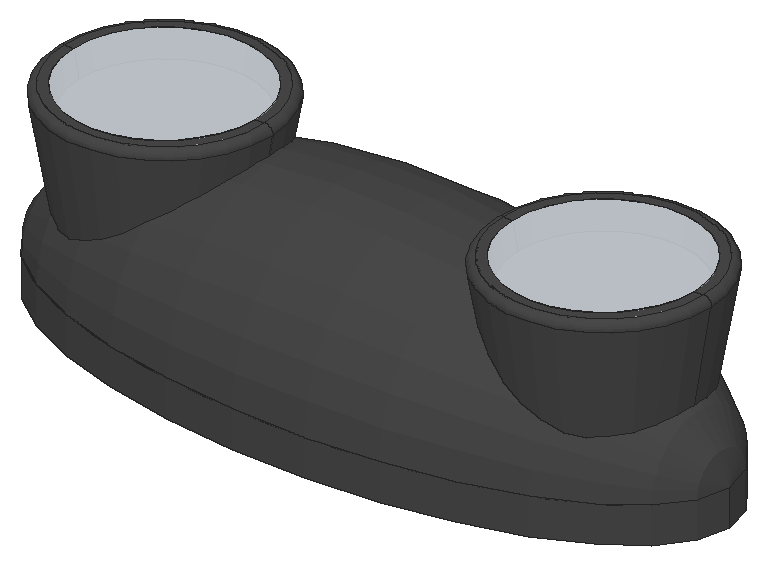
Revit family "CU2", category Lighting Fixtures, host Face, Revit 2021
Family settings
  Host = Face
  Round Connector Dimension = Use Diameter
  Part Type = Normal
  OmniClass Number = 23.80.70.11.21
  OmniClass Title = Emergency Lighting
  Cut with Voids When Loaded = No
  Light Source = No
  Shared = No
  Room Calculation Point = No
Parameters (values of type "CU2RCB")
  zz Watts 2 = if([120 Voltage], 0.92 W, 1.62 W)  # 0.92 W
  zz Watts 1 = if([120 Voltage], 0.56 W, 0.54 W)  # 0.56 W
  zz Integer 1 = 2
  Wattage Comments = "1 W"  # constant formula
  Voltage = 120 V
  URL = "https://www.currentlighting.com/compass"
  Product Page URL = ""
  Product Documentation Link = ""
  Model = "CU2RCB"
  Manufacturer = "Compass Products"  # constant formula
  Load Classification = Lighting
  Lens = Glass 2
  Lamp = "LED Lamp"  # constant formula
  Finish = Black
  Description = "Black Thermoplastic, Dual-Head LED Emergency Light, 120/277 Input, Damp Location Listed, Remote Capacity, 3VDC, 1Watt"
  Default Elevation = 48.000"
  Assembly Code = ""
  Apparent Load = if(zz Integer 1 = 1, zz Watts 1, if(zz Integer 1 = 2, zz Watts 2, 0 VA))  # 0.92 VA
  277 Voltage = not([120 Voltage])  # no
  120 Voltage = yes
Types (4): name | zz Integer 1 | Model | Finish | Description | Apparent Load
  CU2 | 1 | "CU2" | White | "White Thermoplastic, Dual-Head LED Emergency Light , 120/277 Input, Damp Location Listed, 3 VDC, 1 Watt" | 0.56 VA
  CU2B | 1 | "CU2B" | Black | "Black Thermoplastic, Dual-Head LED Emergancy Light, 120/277 Input, Damp Location Listed, 3 VDC, 1 Watt" | 0.56 VA
  CU2RC | 2 | "CU2RC" | White | "White Thermoplastic, Dual-Head LED Emergency Light, 120/277 Input, Damp Location Listed, Remote Capacity, 3VDC, 1Watt" | 0.92 VA
  CU2RCB | 2 | "CU2RCB" | Black | "Black Thermoplastic, Dual-Head LED Emergency Light, 120/277 Input, Damp Location Listed, Remote Capacity, 3VDC, 1Watt" | 0.92 VA
Reference planes (in)
  plane 1 "Center (Front/Back)": y = 0
  plane 2: z = 0
  plane 3 "Center (Left/Right)": x = 0
  plane 4: z = 2.75
  plane 5: x = -4.75
  plane 6: x = 4.75
  plane 7: y = 2
  plane 8: y = -2
  plane 9: z = 0.5
  plane 10: x = -3.01985
  plane 11: x = 3.01985
Forms (in)
  Extrusion 1, solid, material "Black" <- "Finish"
    sketch origin (0, 0, 0) x (1, 0, 0) y (0, 1, 0)
      loop
        spline (-4.75, 0) -> (-4.58815, -0.51764) -> (-4.11362, -1) -> (-3.35876, -1.41421) -> (-2.375, -1.73205) -> (-1.22939, -1.93185) -> (0, -2) -> (1.22939, -1.93185) -> (2.375, -1.73205) -> (3.35876, -1.41421) -> (4.11362, -1) -> (4.58815, -0.51764) -> (4.75, 0)
        spline (4.75, 0) -> (4.58815, 0.51764) -> (4.11362, 1) -> (3.35876, 1.41421) -> (2.375, 1.73205) -> (1.22939, 1.93185) -> (0, 2) -> (-1.22939, 1.93185) -> (-2.375, 1.73205) -> (-3.35876, 1.41421) -> (-4.11362, 1) -> (-4.58815, 0.51764) -> (-4.75, 0)
    from 0 to 0.5
  Revolve 2, solid, material "Black" <- "Finish"
    sketch origin (0, 0, 0.5) x (1, 0, 0) y (0, 1, 0)
      loop
        line (-4.75, 0) -> (4.75, 0)
        spline (4.75, 0) -> (4.58815, 0.51764) -> (4.11362, 1) -> (3.35876, 1.41421) -> (2.375, 1.73205) -> (1.22939, 1.93185) -> (0, 2) -> (-1.22939, 1.93185) -> (-2.375, 1.73205) -> (-3.35876, 1.41421) -> (-4.11362, 1) -> (-4.58815, 0.51764) -> (-4.75, 0)
      axis (4.75, 0) -> (-4.75, 0)
    angle from 180 to 360
Dimensions and locks (in)
  plane 4 to level = 2.750"
  equal spacing: plane 8, plane 1 "Center (Front/Back)", plane 7
  plane 7 to plane 1 "Center (Front/Back)" = 2.000"
  plane 5 to plane 3 "Center (Left/Right)" = 4.750"
  equal spacing: plane 5, plane 3 "Center (Left/Right)", plane 6
  plane 4 to plane 2 = 2.750"
  plane 9 to level = 0.500"
  aligned and locked: plane 2 to host face
  aligned and locked: level to host face
  aligned and locked: plane 3 "Center (Left/Right)" to Extrusion 1 sketch curve
  aligned and locked: plane 1 "Center (Front/Back)" to Extrusion 1 sketch curve
  aligned and locked: plane 9 to Extrusion 1
  aligned and locked: plane 10 to nested 1
  aligned and locked: nested 2 to plane 11
  aligned and locked: plane 1 "Center (Front/Back)" to nested 1
  aligned and locked: plane 1 "Center (Front/Back)" to nested 2
Automatic sketch dimensions
  host sketch curve to host sketch curve = 96.000"  (x2)
  Extrusion 1 sketch curve to plane 5 = 0.000"
  plane 1 "Center (Front/Back)" to Revolve 2 sketch curve = 0.000"  (x2)
  Revolve 2 sketch curve to plane 5 = 0.000"
  Revolve 2 sketch curve to plane 3 "Center (Left/Right)" = 0.000"
  Revolve 2 sketch curve to plane 6 = 0.000"
  Revolve 2 sketch curve to plane 5 = 0.62471"
Nested families (in)
  nested 1: "CIRS" at (-3.01985, 0, 0), type "CCESRE"
  nested 2: "CIRS" at (3.01985, 0, 0), type "CCESRE"
Connectors (in)
  electrical at (0, 0, 0), driven by "Voltage", driven by "Apparent Load", driven by "Load Classification", driven by "Description"
    settings: on Extrusion 1, index 1, voltage 120 V, apparent load 0 VA, apparent load phase1 0.92 VA, apparent load phase2 0 VA, apparent load phase3 0 VA, power factor 1, load classification "Lighting", number of poles 1, system type 30, power factor state 1, is connector primary yes, connector utility no, sub classification motor no, connector description "Black Thermoplastic, Dual-Head LED Emergency Light, 120/277 Input, Damp Location Listed, Remote Capacity, 3VDC, 1Watt"
Definition of nested family "CIRS"
  Parameters
    Wattage Comments = "1 W"  # constant formula
    Wattage = 9.2903 W
    built-in parameter 1150110 = 1 (stored number, unit not read)
    Voltage = 120 V
    URL = "http://www.compasslightingproducts.com/"
    built-in parameter 1114217 = 1 (stored number, unit not read)
    Tilt Angle = -90.00°
    built-in parameter 1150109 = 1 (stored number, unit not read)
    built-in parameter 1150134 = 3
    built-in parameter 1150113 = 1 (stored number, unit not read)
    Product Page URL = "http://www.compasslightingproducts.com/products/ce"
    Product Documentation Link = "http://cdn.compasslightingproducts.com/content/products/specs/specs_files/0603533_ce_spec.pdf"
    Photometric Web File = "generic"
    built-in parameter 1150142 = (empty or 0)
    Model = "CCE"  # constant formula
    Manufacturer Phone = "(866)-313-3909"  # constant formula
    Manufacturer Fax = "(866)-898-0131"  # constant formula
    Manufacturer = "Compass Lighting"  # constant formula
    built-in parameter 1150105 = 109.82 (stored number, unit not read)
    Lumens = 1380 lm
    built-in parameter 1150115 = 1 (stored number, unit not read)
    Load Classification = none
    built-in parameter 1150137 = (empty or 0)
    built-in parameter 1150139 = (empty or 0)
    Lens = none
    built-in parameter 1150112 = 1 (stored number, unit not read)
    built-in parameter 1150114 = 1 (stored number, unit not read)
    Lamp = "LED Lamp"  # constant formula
    built-in parameter 1150132 = (empty or 0)
    built-in parameter 1150102 = (empty or 0)
    built-in parameter 1150107 = 3200 (stored number, unit not read)
    built-in parameter 1150138 = (empty or 0)
    built-in parameter 1150106 = 1.0982 (stored number, unit not read)
    Housing Material = none
    Finish = none
    built-in parameter 1150104 = 13.8 (stored number, unit not read)
    Double Face = no
    Dimming Lamp Color Temperature Shift = (empty or 0)
    Description = "Thin Die-Cast LED Emergency Exit"  # constant formula
    Default Elevation = 48.000"
    Color Filter = 16777215
    built-in parameter 1114218 = 1 (stored number, unit not read)
    built-in parameter 1150133 = 10 (stored number, unit not read)
    Assembly Code = ""
    Apparent Load = 1 VA  # constant formula
    277 Voltage = not([120 Voltage])  # no
    120 Voltage = yes
  Reference planes (in)
    plane 1 "Center (Front/Back)": y = 0
    plane 2: z = 0
    plane 3 "Center (Left/Right)": x = 0
    plane 4: z = 2.75
    plane 5: x = -4.5
    plane 6: x = 4.5
    plane 7: y = 2
    plane 8: y = -2
    plane 9: z = 0.5
    plane 10: z = 2.5
  Forms (in)
    Extrusion 1, solid
      sketch origin (0, 0, 0) x (1, 0, 0) y (0, 1, 0)
        loop
          line (-48, 48) -> (-48, -48) -> (48, -48) -> (48, 48) -> (-48, 48)
      from 0 to -12
    Revolve 2, solid, material <- "Finish"
      sketch origin (3, 0, 0) x (1, 0, 0) y (0, 0, 1)
        loop
          line (-3, 1.02659) -> (-3, 1.15555) -> (-3.96892, 1.15555) -> (-4.25007, 2.75) -> (-4.38082, 2.75)
          arc (-4.38082, 2.75) -> (-4.45743, 2.71428) -> (-4.47931, 2.63264) r 0.1
          line (-4.47931, 2.63264) -> (-4.19612, 1.02659) -> (-3, 1.02659)
        axis (-3, 1.02659) -> (-3, 2.75)
      angle from 0 to 360
    Extrusion 3, solid, material <- "Lens"
      sketch origin (3, 0, 0) x (1, 0, 0) y (0, 1, 0)
        loop
          circle (-3, 0) r 1.25007
      from 2.64206 to 2.75
    Extrusion 4, solid, material <- "Finish"
      sketch origin (3, 0, 0) x (1, 0, 0) y (0, 1, 0)
        loop
          circle (-3, 0) r 1.25007
      from 2.29439 to 2.3995
    Revolve 5, solid, material <- "Finish", not visible
      sketch origin (0, 0, 0) x (1, 0, 0) y (0, 0, 1)
        loop
          line (-3, 1.02659) -> (-3, 1.15555) -> (-3.96892, 1.15555) -> (-4.25007, 2.75) -> (-4.38082, 2.75)
          arc (-4.38082, 2.75) -> (-4.45743, 2.71428) -> (-4.47931, 2.63264) r 0.1
          line (-4.47931, 2.63264) -> (-4.19612, 1.02659) -> (-3, 1.02659)
        axis (-3, 1.02659) -> (-3, 2.75)
      angle from 0 to 360
    Extrusion 6, solid, material <- "Lens", not visible
      sketch origin (0, 0, 0) x (1, 0, 0) y (0, 1, 0)
        loop
          circle (-3, 0) r 1.25007
      from 2.64206 to 2.75
    Extrusion 7, solid, material <- "Finish", not visible
      sketch origin (0, 0, 0) x (1, 0, 0) y (0, 1, 0)
        loop
          circle (-3, 0) r 1.25007
      from 2.29439 to 2.3995
  Dimensions and locks (in)
    plane 4 to level = 2.750"
    equal spacing: plane 8, plane 1 "Center (Front/Back)", plane 7
    plane 7 to plane 1 "Center (Front/Back)" = 2.000"
    plane 5 to plane 3 "Center (Left/Right)" = 4.500"
    equal spacing: plane 5, plane 3 "Center (Left/Right)", plane 6
    plane 4 to plane 2 = 2.750"
    plane 9 to level = 0.500"
    Revolve 2 sketch curve to plane 5 = 4.500"
    aligned and locked: plane 2 to Extrusion 1
    aligned and locked: level to Extrusion 1
    aligned and locked: plane 4 to Extrusion 3
    aligned and locked: plane 10 to imposter light
    aligned and locked: plane 3 "Center (Left/Right)" to imposter light
  Automatic sketch dimensions
    Extrusion 1 sketch curve to Extrusion 1 sketch curve = 96.000"  (x2)
    Revolve 2 sketch curve to Revolve 2 sketch curve = 0.22719"
    Revolve 2 sketch curve to Revolve 2 sketch curve = 0.000"  (x2)
    Revolve 2 sketch curve to Revolve 2 sketch curve = 0.100"
    Revolve 2 sketch curve to Revolve 2 sketch curve = 0.12896"
    Extrusion 3 sketch curve to Extrusion 3 sketch curve = 1.25007"
    Extrusion 4 sketch curve to Extrusion 4 sketch curve = 1.25007"
    Revolve 5 sketch curve to Revolve 5 sketch curve = 0.22719"
    Revolve 5 sketch curve to Revolve 5 sketch curve = 0.000"  (x2)
    Revolve 5 sketch curve to Revolve 5 sketch curve = 0.100"
    Revolve 5 sketch curve to Revolve 5 sketch curve = 0.12896"
    Extrusion 6 sketch curve to Extrusion 6 sketch curve = 1.25007"
    Extrusion 7 sketch curve to Extrusion 7 sketch curve = 1.25007"
    Revolve 2 sketch curve to Revolve 2 sketch curve = 0.09848"
    Revolve 2 sketch curve to Revolve 2 sketch curve = 0.13076"
    Revolve 2 sketch curve to Revolve 2 sketch curve = 0.28319"
    Revolve 2 sketch curve to Revolve 2 sketch curve = 1.25007"
    Revolve 2 sketch curve to Revolve 2 sketch curve = 1.47708"
    Revolve 2 sketch curve to Revolve 2 sketch curve = 0.27659"
    Revolve 5 sketch curve to Revolve 5 sketch curve = 0.09848"
    Revolve 5 sketch curve to Revolve 5 sketch curve = 0.13076"
    Revolve 5 sketch curve to Revolve 5 sketch curve = 0.28319"
    Revolve 5 sketch curve to Revolve 5 sketch curve = 1.25007"
    Revolve 5 sketch curve to Revolve 5 sketch curve = 1.47708"
    Revolve 5 sketch curve to Revolve 5 sketch curve = 0.27659"
    Extrusion 6 sketch curve to Extrusion 6 sketch curve = 0.000"  (x2)
    Extrusion 7 sketch curve to Extrusion 7 sketch curve = 0.000"  (x2)
    Revolve 2 sketch curve to plane 4 = 0.000"
    Extrusion 3 sketch curve to Extrusion 3 sketch curve = 0.000"  (x2)
    plane 1 "Center (Front/Back)" to Extrusion 3 sketch curve = 0.000"
    Extrusion 3 sketch curve to plane 3 "Center (Left/Right)" = 0.000"
    Extrusion 4 sketch curve to Extrusion 4 sketch curve = 0.000"  (x2)
    plane 1 "Center (Front/Back)" to Extrusion 4 sketch curve = 0.000"
    Extrusion 4 sketch curve to plane 3 "Center (Left/Right)" = 0.000"
